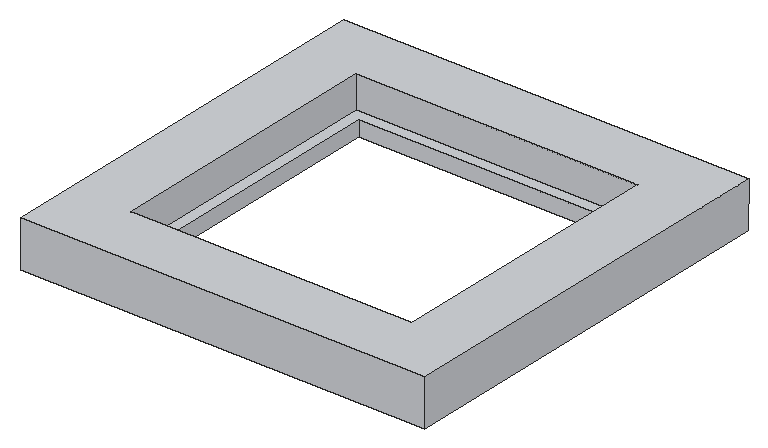
Revit family "Gira_021133", category Electrical Fixtures, host Face, Revit 2017
Family settings
  Host = Face
  Maintain Annotation Orientation = No
  Round Connector Dimension = Use Diameter
  Part Type = Normal
  Cut with Voids When Loaded = No
  Shared = No
  Room Calculation Point = No
Parameters (values of type "Cov.fr. 1-g Gira E2 stainl.steel")
  With mounting grid = "No"
  With hinged lid = "No"
  URL = "http://katalog.gira.de/en/datenblatt.html?artikelnr=021133"
  Type of fastening = "Clamp mounting"
  Transparent = "No"
  Surface protection = "Other"
  Suitable for wall duct = "No"
  Suitable for flush-mounted installation = "Yes"
  Suitable for floor box = "No"
  Suitable for built-in installation = "No"
  Number of units vertical = "1"
  Number of units horizontal = "1"
  Number of units = "1"
  Name = "Cov.fr. 1-g Gira E2 stainl.steel"
  Mounting direction = "Horizontal and vertical"
  Material quality = "Stainless steel"
  Material = "Metal"
  Manufacturer URL = "https://www.gira.de/"
  Manufacturer = "Gira"
  Label space/information surface = "No"
  Keynote = ""
  HeinzeBIM = "https://bimportal.heinze.de/bim/cov-fr-1-g-gira-e2-stainl-steel/577b57389ac0d764f240dbd69b3ebc6050a6b185"
  Halogen free = "No"
  HAN = "021133"
  GTIN = "4010337019794"
  Description = "Cov.fr.1g E2 SST,Gira E2 cover frame,Stainless steel,1-gang,Notes :,- Also suitable for duct installation.,- In connection with the seal kit, frame (1-gang to 5-gang) is also suitable for installation as water-protected flush-mounted IP44."
  Degree of protection (IP) = "IP20"
  Default Elevation = 1219.2 mm
  Data sheet (1) = "https://katalog.gira.de/en/download.html?artikelnr=021133"
  Colour = "Stainless steel"
  Category = "Cover frame for domestic switching devices"
  BIM (1) = "https://media.stage.bim.site/public/gira/36a6b08/E2_Rahmen_1fach.rfa"
  Available = "No"
Reference planes
  plane 1 "Center (Front/Back)": y = 0
  plane 2: z = 0
  plane 3 "Center (Left/Right)": x = 0
Forms (mm)
  Extrusion 1, solid, detail levels fine
    sketch origin (0, 0, 0) x (1, 0, 0) y (0, 1, 0)
      loop
        line (40.4, 40.4) -> (-40.4, 40.4) -> (-40.4, -40.4) -> (40.4, -40.4) -> (40.4, 40.4)
      loop
        line (-28.152, 28.1) -> (-28.152, -28.152) -> (28.1, -28.152) -> (28.1, 28.1) -> (-28.152, 28.1)
    from 0 to 9.3
  Extrusion 2, solid, detail levels fine
    sketch origin (0, 0, 0) x (1, 0, 0) y (0, 1, 0)
      loop
        line (-28.152, -28.152) -> (28.1, -28.152) -> (28.1, 28.1) -> (-28.152, 28.1) -> (-28.152, -28.152)
      loop
        line (25.7, -25.7) -> (25.7, 25.7) -> (-25.7, 25.7) -> (-25.7, -25.7) -> (25.7, -25.7)
    from 0 to 3
  Extrusion 3, solid, detail levels coarse+medium
    sketch origin (0, 0, 0) x (1, 0, 0) y (0, 1, 0)
      loop
        line (40.4, 40.4) -> (-40.4, 40.4) -> (-40.4, -40.4) -> (40.4, -40.4) -> (40.4, 40.4)
    from 0 to 9.3
Dimensions and locks
  aligned and locked: plane 2 to host face
  aligned and locked: level to host face
